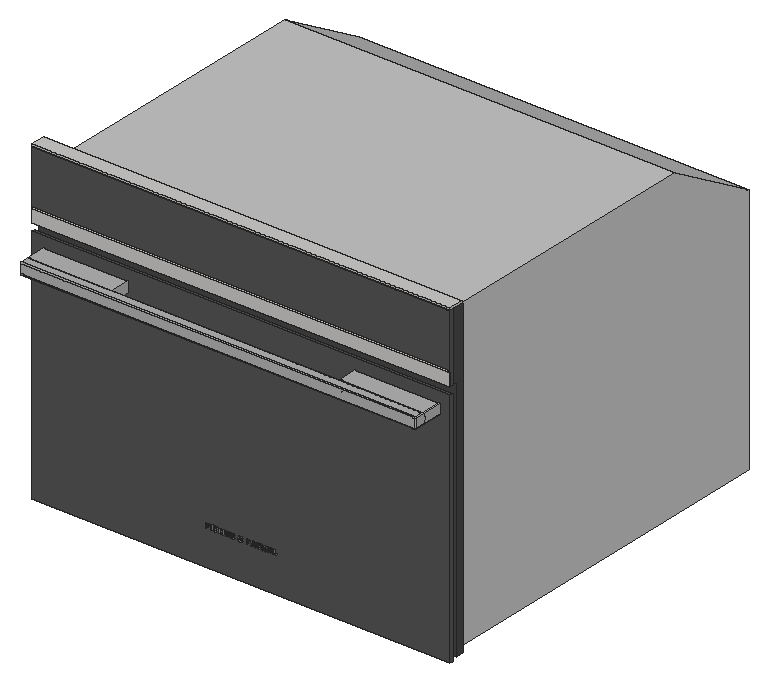
Revit family "FP_Revit_18_OM60NDBB1_Microwave_Oven_90000814A", category Specialty Equipment, Revit 2018
Family settings
  Round Connector Dimension = Use Diameter
  Part Type = Normal
  OmniClass Number = 23.40.40.14.17.31
  OmniClass Title = Small Specialized Cooking Equipment
  Work Plane-Based = No
  Always vertical = Yes
  Cut with Voids When Loaded = Yes
  Shared = No
  Room Calculation Point = No
Parameters (values of type "OM60NDBB1")
  Visibility - Clearance Required = yes
  URL = "www.fisherpaykel.com"
  Product - Width = 596 mm  # constant formula
  Product - Height = 458 mm  # constant formula
  Product - Depth = 562 mm  # constant formula
  Model = "OM60NDBB1"
  Material - Trim = Fisher & Paykel - Stainless Steel
  Material - Structure = Fisher & Paykel - Black
  Material - Handle = Fisher & Paykel - Aluminium
  Material - Glass = Fisher & Paykel - Glass, Black
  Material - Body = Fisher & Paykel - Grey
  Manufacturer = "Fisher & Paykel Appliances"
  FFL Offset [instance] = 900 mm
  Description = "60cm Microwave Oven"
  Connector Description - Electrical = "220-240 V, 50 Hz, 14.5 A"
  Chassis - Width = 556 mm  # constant formula
  Chassis - Height = 446 mm  # constant formula
  Chassis - Depth = 540 mm  # constant formula
  Cavity - Width = 560 mm  # constant formula
  Cavity - Height = 460 mm  # constant formula
  Cavity - Depth = 560 mm  # constant formula
Reference planes
  plane 1 "Center (Front/Back)": y = 0
  plane 2: z = 0
  plane 3 "Center (Left/Right)": x = 0
  plane 4: z = 1360
  plane 5: z = 1358
  plane 6 "Product LHS": x = -298
  plane 7 "Product RHS": x = 298
  plane 8 "Product - Depth": y = 0
  plane 9 "Cavity LHS": x = -300
  plane 10 "Cavity RHS": x = 300
  plane 11 "Cavity - Depth": y = 560
  plane 12 "Front Face": y = -22
  plane 13 "Chassis - Height": z = 0
  plane 14 "Product Depth": y = 540
  plane 15 "FFL Offset": z = 900
Forms (mm)
  Extrusion 1, solid, material "Fisher & Paykel - Grey" <- "Material - Body"
    sketch origin (0, 0, 0) x (0, 1, 0) y (0, 0, 1)
      loop
        line (0, 1346) -> (0, 907.28) -> (5.16, 907.28) -> (5.16, 900) -> (534.187, 900) -> (534.187, 1257.991) -> (403.295, 1336.64) -> (24.316, 1336.64) -> (8.71, 1346) -> (0, 1346)
    from -278 to 278
  Extrusion 2, solid, material "Fisher & Paykel - Black" <- "Material - Structure", detail levels fine
    sketch origin (0, 0, 0) x (0, 1, 0) y (0, 0, 1)
      loop
        line (0, 1353.9) -> (-2, 1353.9) -> (-2, 1355) -> (-18, 1355) -> (-18, 1258) -> (-9.89, 1258) -> (-9.89, 907.28) -> (0, 907.28) -> (0, 1353.9)
    from -298 to 298
  Extrusion 3, solid, material "Fisher & Paykel - Stainless Steel" <- "Material - Trim", detail levels fine
    sketch origin (0, 0, 0) x (0, 1, 0) y (0, 0, 1)
      loop
        line (-22, 1358) -> (-22, 1355) -> (-2, 1355) -> (-2, 1358) -> (-22, 1358)
    from -298 to 298
  Extrusion 4, solid, material "Fisher & Paykel - Glass, Black" <- "Material - Glass", detail levels fine
    sketch origin (0, 0, 0) x (0, 1, 0) y (0, 0, 1)
      loop
        line (-18, 1355) -> (-20.262, 1355)
        arc (-20.262, 1355) -> (-21.236, 1354.682) -> (-22, 1354) r 2.5
        line (-22, 1354) -> (-22, 1258) -> (-18, 1258) -> (-18, 1355)
    from -298 to 298
  Extrusion 5, solid, material "Fisher & Paykel - Glass, Black" <- "Material - Glass", detail levels fine
    sketch origin (0, 0, 0) x (0, 1, 0) y (0, 0, 1)
      loop
        line (-22, 1246.53) -> (-22, 904.53) -> (-18, 904.53) -> (-18, 1246.53) -> (-22, 1246.53)
    from -298 to 298
  Extrusion 6, solid, material "Fisher & Paykel - Black" <- "Material - Structure", detail levels fine
    sketch origin (0, 0, 0) x (0, 1, 0) y (0, 0, 1)
      loop
        line (-18, 1229.33) -> (-18, 907.28) -> (-9.89, 907.28) -> (-9.89, 1229.33) -> (-18, 1229.33)
    from -278 to 278
  Extrusion 7, void
    sketch origin (0, 0, 0) x (1, 0, 0) y (0, 0, 1)
      loop
        line (-158.462, 1052.91) -> (-229.24, 1052.91)
        arc (-229.24, 1052.91) -> (-232.776, 1051.446) -> (-234.24, 1047.91) r 5
        line (-234.24, 1047.91) -> (-234.24, 955.13)
        arc (-234.24, 955.13) -> (-232.776, 951.594) -> (-229.24, 950.13) r 5
        line (-229.24, 950.13) -> (-158.462, 950.13)
        arc (-158.462, 950.13) -> (-154.926, 951.594) -> (-153.462, 955.13) r 5
        line (-153.462, 955.13) -> (-153.462, 1047.91)
        arc (-153.462, 1047.91) -> (-154.926, 1051.446) -> (-158.462, 1052.91) r 5
    from -539.6 to -521.6
  Sweep 8, void
    path in 3D
      loop
        arc (-153.462, 521.6, 955.13) -> (-154.926, 521.6, 951.594) -> (-158.462, 521.6, 950.13) r 5
        line (-158.462, 521.6, 950.13) -> (-229.24, 521.6, 950.13)
        arc (-229.24, 521.6, 950.13) -> (-232.776, 521.6, 951.594) -> (-234.24, 521.6, 955.13) r 5
        line (-234.24, 521.6, 955.13) -> (-234.24, 521.6, 1047.91)
        arc (-234.24, 521.6, 1047.91) -> (-232.776, 521.6, 1051.446) -> (-229.24, 521.6, 1052.91) r 5
        line (-229.24, 521.6, 1052.91) -> (-158.462, 521.6, 1052.91)
        arc (-158.462, 521.6, 1052.91) -> (-154.926, 521.6, 1051.446) -> (-153.462, 521.6, 1047.91) r 5
        line (-153.462, 521.6, 1047.91) -> (-153.462, 521.6, 955.13)
    profile origin (-153.462, 521.6, 1001.52) x (-1, 0, 0) y (0, -1, 0)
      loop
        line (0, 0) -> (-21.3, -12.587) -> (0, -12.587) -> (0, 0)
  Extrusion 9, solid, material "Fisher & Paykel - Grey" <- "Material - Body", detail levels medium+fine
    sketch origin (0, 0, -100) x (1, 0, 0) y (0, 0, 1)
      loop
        line (-175.354, 1115.273) -> (-212.354, 1115.273) -> (-212.354, 1057.273) -> (-175.354, 1057.273) -> (-175.354, 1115.273)
    from -540 to -521.6
  Extrusion 10, solid, material "Fisher & Paykel - Stainless Steel" <- "Material - Trim", detail levels fine
    sketch origin (0, 0, 0) x (0, 1, 0) y (0, 0, 1)
      loop
        line (-22, 1258) -> (-22, 1277.8) -> (-22.8, 1277.8) -> (-23.7, 1275.5) -> (-23.7, 1258) -> (-22, 1258)
    from -298 to 298
  Extrusion 11, solid, material "Fisher & Paykel - Clearance Required", visible <- "Visibility - Clearance Required", detail levels coarse
    sketch origin (0, 0, 0) x (1, 0, 0) y (0, 1, 0)
      loop
        line (-280, 0) -> (280, 0) -> (280, 548.619) -> (-280, 548.619) -> (-280, 0)
    from 900 to 1360
  Extrusion 12, solid, material "Fisher & Paykel - Clearance Required", visible <- "Visibility - Clearance Required", detail levels coarse
    sketch origin (0, 0, 0) x (0, 1, 0) y (0, 0, 1)
      loop
        arc (-22, 1246.53) -> (-241.159, 1161.206) -> (-341.563, 948.532) r 317.644
        line (-341.563, 948.532) -> (-326.406, 946.445) -> (-332.106, 905.048) -> (-316.871, 902.951) -> (-311.171, 944.347) -> (-22, 904.53) -> (-22, 900) -> (0, 900) -> (0, 1360) -> (-22, 1360) -> (-22, 1246.53)
    from -300 to 300
  Sweep 13, solid, material "Fisher & Paykel - Grey" <- "Material - Body", detail levels fine
    path origin (0, 0, -100) x (0, 1, 0) y (0, 0, 1)
      loop
        arc (530.8, 1057.273) -> (536.019, 1044.673) -> (548.619, 1039.454) r 17.819
    profile origin (0, 536.019, 944.673) x (0, 0.707107, 0.707107) y (1, 0, 0)
      loop
        circle (0, -193.854) r 5
  Extrusion 14, solid, material "Fisher & Paykel - Glass, Black" <- "Material - Glass", detail levels coarse+medium
    sketch origin (0, 0, 0) x (0, 1, 0) y (0, 0, 1)
      loop
        line (-22, 1358) -> (-22, 1258) -> (-9.89, 1258) -> (-9.89, 1229.33) -> (-18, 1229.33) -> (-18, 1246.53) -> (-22, 1246.53) -> (-22, 904.53) -> (-18, 904.53) -> (-18, 907.28) -> (0, 907.28) -> (0, 1353.9) -> (-2, 1353.9) -> (-2, 1358) -> (-22, 1358)
    from -298 to 298
  Extrusion 15, solid, material "Fisher & Paykel - Grey" <- "Material - Body", not visible, detail levels medium+fine
    sketch origin (0, 0, 0) x (1, 0, 0) y (0, 0, 1)
      loop
        line (-175.354, 1115.273) -> (-212.354, 1115.273) -> (-212.354, 1057.273) -> (-175.354, 1057.273) -> (-175.354, 1115.273)
    from -540 to -521.6
  Sweep 16, solid, material "Fisher & Paykel - Grey" <- "Material - Body", not visible, detail levels fine
    path origin (0, 0, 0) x (0, 1, 0) y (0, 0, 1)
      loop
        arc (530.8, 1057.273) -> (536.019, 1044.673) -> (548.619, 1039.454) r 17.819
    profile origin (0, 536.019, 1044.673) x (0, 0.707107, 0.707107) y (1, 0, 0)
      loop
        circle (0, -193.854) r 5
  Extrusion 17, void
    sketch origin (0, 0, 0) x (1, 0, 0) y (0, 1, 0)
      loop
        line (-280, 0) -> (280, 0) -> (280, 548.619) -> (-280, 548.619) -> (-280, 0)
    from 900 to 1360
  Extrusion 18, solid, material "Fisher & Paykel - Clearance Required", visible <- "Visibility - Clearance Required", detail levels coarse
    sketch origin (0, 0, 0) x (0, 1, 0) y (0, 0, 1)
      loop
        arc (-22, 1246.53) -> (-241.159, 1161.206) -> (-341.563, 948.532) r 317.644
        line (-341.563, 948.532) -> (-326.406, 946.445) -> (-332.106, 905.048) -> (-316.871, 902.951) -> (-311.171, 944.347) -> (-22, 904.53) -> (-22, 900) -> (0, 900) -> (0, 1360) -> (-22, 1360) -> (-22, 1246.53)
    from -300 to 300
  Extrusion 19, void
    sketch origin (0, 0, 0) x (0, 1, 0) y (0, 0, 1)
      loop
        line (-22, 1360) -> (-22, 900) -> (0, 900) -> (0, 1360) -> (-22, 1360)
    from -300 to 300
Cuts and joins
  Extrusion 7, Sweep 8 cuts Extrusion 1
  Extrusion 7 cuts Extrusion 2
  Extrusion 7 cuts Extrusion 5
  Extrusion 7 cuts Extrusion 6
Lines and regions (mm)
  sketch lines
    curve 1: line (-153.462, 521.6, 1047.91) -> (-153.462, 521.6, 955.13)
    curve 2: arc (-153.462, 521.6, 1047.91) -> (-154.926, 521.6, 1051.446) -> (-158.462, 521.6, 1052.91) r 5
    curve 3: line (-229.24, 521.6, 1052.91) -> (-158.462, 521.6, 1052.91)
    curve 4: arc (-229.24, 521.6, 1052.91) -> (-232.776, 521.6, 1051.446) -> (-234.24, 521.6, 1047.91) r 5
    curve 5: line (-234.24, 521.6, 955.13) -> (-234.24, 521.6, 1047.91)
    curve 6: arc (-234.24, 521.6, 955.13) -> (-232.776, 521.6, 951.594) -> (-229.24, 521.6, 950.13) r 5
    curve 7: arc (-158.462, 521.6, 950.13) -> (-154.926, 521.6, 951.594) -> (-153.462, 521.6, 955.13) r 5
    curve 8: line (-158.462, 521.6, 950.13) -> (-229.24, 521.6, 950.13)
Text (mm)
  text "Due to ongoing product development, product details are subject to change without notice. \nPlease always refer to www.fisherpaykel.com for the most current product information. \n© Fisher & Paykel 2020" at (41.04, -413.295, 0), in view "Ref. Level (Plan)"
Dimensions and locks
  equal spacing: plane 6 "Product LHS", plane 3 "Center (Left/Right)", plane 7 "Product RHS"
  "Product - Width": plane 6 "Product LHS" to plane 7 "Product RHS"
  equal spacing: plane 9 "Cavity LHS", plane 3 "Center (Left/Right)", plane 10 "Cavity RHS"
  locked: plane 9 "Cavity LHS" to plane 10 "Cavity RHS" at 600
  "Cavity - Depth": plane 11 "Cavity - Depth" to plane 1 "Center (Front/Back)"
  locked: plane 12 "Front Face" to plane 1 "Center (Front/Back)" at 22
  "Chassis - Depth": plane 1 "Center (Front/Back)" to plane 14 "Product Depth"
  Extrusion 1 sketch curve to plane 14 "Product Depth" = 5.813 mm
  equal spacing: cut or joined group of Extrusion 1, Extrusion 7, Sweep 8, plane 3 "Center (Left/Right)", cut or joined group of Extrusion 1, Extrusion 7, Sweep 8
  "Chassis - Width": cut or joined group of Extrusion 1, Extrusion 7, Sweep 8 to cut or joined group of Extrusion 1, Extrusion 7, Sweep 8
  "FFL Offset": plane 15 "FFL Offset" to level
  locked: nested 2 to plane 15 "FFL Offset" at 61.04
  locked: cut or joined group of Extrusion 1, Extrusion 7, Sweep 8 to plane 15 "FFL Offset" at 7.28
  locked: Extrusion 14 to plane 15 "FFL Offset" at 4.53
  locked: cut or joined group of Extrusion 1, Extrusion 7, Sweep 8 to plane 15 "FFL Offset" at 436.64
  "Chassis - Height": cut or joined group of Extrusion 1, Extrusion 7, Sweep 8 to plane 15 "FFL Offset"
  Extrusion 11 to plane 15 "FFL Offset" = 460 mm
  locked: plane 15 "FFL Offset" to Extrusion 9 at 57.273
  locked: plane 15 "FFL Offset" to cut or joined group of Extrusion 1, Extrusion 7, Sweep 8 at 50.13
  "Product - Height": plane 5 to plane 15 "FFL Offset"
  "Cavity - Height": plane 4 to plane 15 "FFL Offset"
  locked: nested 1 to plane 15 "FFL Offset" at 330.978
  locked: plane 5 to Extrusion 14 at 100
  locked: plane 5 to Extrusion 14 at 111.47
  locked: Extrusion 12 sketch curve to plane 15 "FFL Offset" at 4.53
  locked: plane 15 "FFL Offset" to Extrusion 7 sketch curve at 152.91
  locked: plane 15 "FFL Offset" to Extrusion 7 sketch curve at 50.13
  "Cavity - Width": Extrusion 17 to Extrusion 17
  aligned and locked: level to plane 2
  aligned and locked: Extrusion 3 sketch curve to plane 5
  aligned and locked: plane 6 "Product LHS" to Extrusion 5
  aligned and locked: Extrusion 5 to plane 7 "Product RHS"
  aligned and locked: Extrusion 4 to plane 7 "Product RHS"
  aligned and locked: plane 6 "Product LHS" to Extrusion 4
  aligned and locked: plane 6 "Product LHS" to Extrusion 3
  aligned and locked: Extrusion 3 to plane 7 "Product RHS"
  aligned and locked: plane 6 "Product LHS" to Extrusion 2
  aligned and locked: Extrusion 2 to plane 7 "Product RHS"
  aligned and locked: plane 14 "Product Depth" to Extrusion 9
  aligned and locked: cut or joined group of Extrusion 1, Extrusion 7, Sweep 8 to Extrusion 9
  aligned and locked: Extrusion 10 to plane 7 "Product RHS"
  aligned and locked: plane 6 "Product LHS" to Extrusion 10
  aligned and locked: Extrusion 14 to plane 7 "Product RHS"
  aligned and locked: plane 6 "Product LHS" to Extrusion 14
  aligned and locked: Extrusion 1 to plane 15 "FFL Offset"
  aligned and locked: Extrusion 11 to cut or joined group of Extrusion 1, Extrusion 7, Sweep 8
  aligned and locked: Extrusion 14 to cut or joined group of Extrusion 1, Extrusion 7, Sweep 8
  aligned and locked: Extrusion 2 to cut or joined group of Extrusion 1, Extrusion 7, Sweep 8
  aligned and locked: Extrusion 6 to cut or joined group of Extrusion 1, Extrusion 7, Sweep 8
  aligned and locked: plane 5 to Extrusion 3
  aligned and locked: plane 5 to Extrusion 14
  aligned and locked: Extrusion 10 to Extrusion 4
  aligned and locked: Extrusion 14 to Extrusion 4
  aligned and locked: Extrusion 4 to cut or joined group of Extrusion 2, Extrusion 7
  aligned and locked: Extrusion 5 to Extrusion 14  (x2)
  aligned and locked: plane 4 to Extrusion 11
  aligned and locked: Extrusion 11 to Sweep 13
  aligned and locked: Extrusion 12 sketch curve to plane 15 "FFL Offset"
  aligned and locked: Extrusion 12 sketch curve to plane 4
  aligned and locked: plane 4 to Extrusion 17
  aligned and locked: Extrusion 17 to cut or joined group of Extrusion 1, Extrusion 7, Sweep 8
  aligned and locked: plane 15 "FFL Offset" to Extrusion 19 sketch curve
  aligned and locked: Extrusion 19 sketch curve to plane 4
Automatic sketch dimensions
  Extrusion 9 sketch curve to Extrusion 9 sketch curve = 37 mm
  Extrusion 9 sketch curve to Extrusion 9 sketch curve = 58 mm
  Sweep 13 sketch curve to profile plane = 0 mm
  Sweep 13 sketch curve to Sweep 13 sketch curve = 17.819 mm
  Sweep 13 sketch curve to profile plane = 193.854 mm
  Extrusion 15 sketch curve to Extrusion 15 sketch curve = 37 mm
  Extrusion 15 sketch curve to Extrusion 15 sketch curve = 58 mm
  Sweep 16 sketch curve to profile plane = 0 mm
  Sweep 16 sketch curve to Sweep 16 sketch curve = 17.819 mm
  Sweep 16 sketch curve to profile plane = 193.854 mm
  Extrusion 1 sketch curve to plane 1 "Center (Front/Back)" = 0 mm
  Extrusion 1 sketch curve to plane 15 "FFL Offset" = 0 mm
  Extrusion 1 sketch curve to plane 1 "Center (Front/Back)" = 5.16 mm
  Extrusion 1 sketch curve to Extrusion 1 sketch curve = 8.71 mm
  Extrusion 1 sketch curve to Extrusion 1 sketch curve = 15.606 mm
  Extrusion 1 sketch curve to plane 5 = 21.36 mm
  Extrusion 1 sketch curve to plane 14 "Product Depth" = 136.705 mm
  Extrusion 1 sketch curve to Extrusion 1 sketch curve = 7.28 mm
  Extrusion 1 sketch curve to plane 5 = 100.009 mm
  Extrusion 1 sketch curve to plane 5 = 12 mm
  Extrusion 2 sketch curve to plane 1 "Center (Front/Back)" = 0 mm
  plane 1 "Center (Front/Back)" to Extrusion 2 sketch curve = 2 mm
  plane 1 "Center (Front/Back)" to Extrusion 2 sketch curve = 9.89 mm
  plane 12 "Front Face" to Extrusion 2 sketch curve = 4 mm
  plane 15 "FFL Offset" to Extrusion 2 sketch curve = 7.28 mm
  Extrusion 2 sketch curve to plane 5 = 100 mm
  Extrusion 2 sketch curve to plane 5 = 4.1 mm
  Extrusion 2 sketch curve to Extrusion 2 sketch curve = 1.1 mm
  Extrusion 3 sketch curve to plane 12 "Front Face" = 0 mm
  plane 1 "Center (Front/Back)" to Extrusion 3 sketch curve = 2 mm
  Extrusion 3 sketch curve to plane 5 = 3 mm
  Extrusion 4 sketch curve to plane 12 "Front Face" = 0 mm
  plane 12 "Front Face" to Extrusion 4 sketch curve = 1.738 mm
  plane 12 "Front Face" to Extrusion 4 sketch curve = 2.011 mm
  plane 12 "Front Face" to Extrusion 4 sketch curve = 4 mm
  Extrusion 4 sketch curve to plane 5 = 100 mm
  Extrusion 4 sketch curve to plane 5 = 5.485 mm
  Extrusion 4 sketch curve to Extrusion 4 sketch curve = 1.485 mm
  Extrusion 5 sketch curve to plane 12 "Front Face" = 0 mm
  plane 12 "Front Face" to Extrusion 5 sketch curve = 4 mm
  plane 15 "FFL Offset" to Extrusion 5 sketch curve = 4.53 mm
  Extrusion 5 sketch curve to plane 5 = 111.47 mm
  plane 12 "Front Face" to Extrusion 6 sketch curve = 4 mm
  Extrusion 6 sketch curve to Extrusion 6 sketch curve = 8.11 mm
  plane 15 "FFL Offset" to Extrusion 6 sketch curve = 7.28 mm
  Extrusion 6 sketch curve to plane 5 = 128.67 mm
  Extrusion 7 sketch curve to plane 6 "Product LHS" = 63.76 mm
  Extrusion 7 sketch curve to Extrusion 7 sketch curve = 5 mm  (x3)
  Extrusion 7 sketch curve to Extrusion 7 sketch curve = 70.778 mm  (x2)
  Sweep 8 sketch curve to profile plane = 0 mm  (x2)
  Sweep 8 sketch curve to profile plane = 21.3 mm
  profile plane to Sweep 8 sketch curve = 12.587 mm
  Extrusion 10 sketch curve to plane 12 "Front Face" = 0 mm
  Extrusion 10 sketch curve to Extrusion 10 sketch curve = 0.8 mm
  Extrusion 10 sketch curve to plane 12 "Front Face" = 1.7 mm
  Extrusion 10 sketch curve to plane 5 = 100 mm
  Extrusion 10 sketch curve to Extrusion 10 sketch curve = 17.5 mm
  Extrusion 10 sketch curve to Extrusion 10 sketch curve = 2.3 mm
  plane 1 "Center (Front/Back)" to Extrusion 11 sketch curve = 0 mm
  plane 14 "Product Depth" to Extrusion 11 sketch curve = 8.619 mm
  Extrusion 11 sketch curve to plane 6 "Product LHS" = 18 mm
  plane 7 "Product RHS" to Extrusion 11 sketch curve = 18 mm
  Extrusion 12 sketch curve to plane 12 "Front Face" = 0 mm  (x2)
  Extrusion 12 sketch curve to plane 1 "Center (Front/Back)" = 0 mm
  Extrusion 12 sketch curve to plane 12 "Front Face" = 2.526 mm
  plane 15 "FFL Offset" to Extrusion 12 sketch curve = 44.347 mm
  Extrusion 12 sketch curve to Extrusion 12 sketch curve = 286.644 mm
  plane 15 "FFL Offset" to Extrusion 12 sketch curve = 2.951 mm
  plane 15 "FFL Offset" to Extrusion 12 sketch curve = 46.445 mm
  Extrusion 12 sketch curve to Extrusion 12 sketch curve = 15.235 mm
  plane 15 "FFL Offset" to Extrusion 12 sketch curve = 48.532 mm
  Extrusion 12 sketch curve to Extrusion 12 sketch curve = 24.366 mm
  Extrusion 14 sketch curve to plane 5 = 0 mm
  Extrusion 14 sketch curve to plane 12 "Front Face" = 0 mm  (x2)
  Extrusion 14 sketch curve to plane 1 "Center (Front/Back)" = 0 mm
  plane 12 "Front Face" to Extrusion 14 sketch curve = 4 mm  (x2)
  plane 1 "Center (Front/Back)" to Extrusion 14 sketch curve = 9.89 mm
  plane 1 "Center (Front/Back)" to Extrusion 14 sketch curve = 2 mm
  Extrusion 14 sketch curve to plane 5 = 4.1 mm
  Extrusion 14 sketch curve to Extrusion 14 sketch curve = 95.9 mm
  Extrusion 14 sketch curve to Extrusion 14 sketch curve = 11.47 mm
  Extrusion 14 sketch curve to Extrusion 14 sketch curve = 17.2 mm
  plane 15 "FFL Offset" to Extrusion 14 sketch curve = 7.28 mm
  Extrusion 14 sketch curve to Extrusion 14 sketch curve = 2.75 mm
  plane 1 "Center (Front/Back)" to Extrusion 17 sketch curve = 0 mm
  plane 14 "Product Depth" to Extrusion 17 sketch curve = 8.619 mm
  Extrusion 17 sketch curve to plane 6 "Product LHS" = 18 mm
  plane 7 "Product RHS" to Extrusion 17 sketch curve = 18 mm
  Extrusion 18 sketch curve to plane 12 "Front Face" = 0 mm  (x2)
  Extrusion 18 sketch curve to plane 1 "Center (Front/Back)" = 0 mm
  Extrusion 18 sketch curve to plane 15 "FFL Offset" = 0 mm
  Extrusion 18 sketch curve to plane 4 = 0 mm
  Extrusion 18 sketch curve to plane 12 "Front Face" = 2.526 mm
  plane 15 "FFL Offset" to Extrusion 18 sketch curve = 44.347 mm
  Extrusion 18 sketch curve to Extrusion 18 sketch curve = 286.644 mm
  plane 15 "FFL Offset" to Extrusion 18 sketch curve = 2.951 mm
  Extrusion 18 sketch curve to Extrusion 18 sketch curve = 5.7 mm
  plane 15 "FFL Offset" to Extrusion 18 sketch curve = 46.445 mm
  Extrusion 18 sketch curve to Extrusion 18 sketch curve = 15.235 mm
  plane 15 "FFL Offset" to Extrusion 18 sketch curve = 48.532 mm
  Extrusion 18 sketch curve to Extrusion 18 sketch curve = 24.366 mm
  Extrusion 19 sketch curve to plane 12 "Front Face" = 0 mm
  Extrusion 19 sketch curve to plane 1 "Center (Front/Back)" = 0 mm
  radius of Sweep 13 sketch curve = 5 mm
  radius of Sweep 16 sketch curve = 5 mm
Nested families
  nested 1: "F&P Handle Contemporary Square OB60-24" at (0, -22, 1223), type "Aluminium"
  nested 2: "F&P Logo 100mm" at (0, -22, 955), type "F&P Logo 100mm"
Connectors
  electrical at (-193.854, 548.619, 939.454), driven by "Connector Description - Electrical"
    settings: on Sweep 13, index 1, voltage 120 V, apparent load 0 VA, apparent load phase1 0 VA, apparent load phase2 0 VA, apparent load phase3 0 VA, power factor 1, load classification "Other", number of poles 1, system type 30, power factor state 1, is connector primary yes, connector utility no, sub classification motor no, connector description "220-240 V, 50 Hz, 14.5 A"
Definition of nested family "F&P Handle Contemporary Square OB60-24"
  Parameters (values of type "Aluminium Dark")
    URL = "www.fisherpaykel.com"
    Material - Handle = none
    Manufacturer = "Fisher & Paykel Appliances"
    Handle - Length = 565 mm
  Types (2): name
    Aluminium
    Aluminium Dark
  Reference planes
    plane 1 "Center (Front/Back)": y = 0
    plane 2: z = 0
    plane 3 "Center (Left/Right)": x = 0
    plane 4 "Product LHS": x = -282.5
    plane 5 "Product RHS": x = 282.5
    plane 6 "LHS Standoff": x = -162.495
    plane 7 "RHS Standoff": x = 162.505
  Forms (mm)
    Extrusion 1, solid, material <- "Material - Handle", detail levels fine
      sketch origin (0, 0, 0) x (0, 1, 0) y (0, 0, 1)
        loop
          arc (-28.701, 7.561) -> (-29.057, 7.868) -> (-29.514, 7.978) r 1
          line (-29.514, 7.978) -> (-40.5, 7.978)
          arc (-40.5, 7.978) -> (-41.561, 7.539) -> (-42, 6.478) r 1.5
          line (-42, 6.478) -> (-42, -6.522)
          arc (-42, -6.522) -> (-41.561, -7.583) -> (-40.5, -8.022) r 1.5
          line (-40.5, -8.022) -> (-29.487, -8.022)
          arc (-29.487, -8.022) -> (-29.029, -7.911) -> (-28.673, -7.602) r 1
          arc (-28.673, -7.602) -> (-26.256, -0.016) -> (-28.701, 7.561) r 13.038
      from -282.5 to 282.5
    Extrusion 2, solid, material <- "Material - Handle", detail levels fine
      sketch origin (0, 0, 0) x (0, 1, 0) y (0, 0, 1)
        loop
          arc (-28.23, 7.062) -> (-26.156, 0.008) -> (-28.198, -7.056) r 13.136
          arc (-28.198, -7.056) -> (-28.21, -7.463) -> (-27.86, -7.67) r 0.4
          line (-27.86, -7.67) -> (0, -7.67) -> (0, 7.678) -> (-27.893, 7.678)
          arc (-27.893, 7.678) -> (-28.244, 7.47) -> (-28.23, 7.062) r 0.4
      from 162.505 to 282.5
    Extrusion 3, solid, material <- "Material - Handle", detail levels fine
      sketch origin (0, 0, 0) x (0, 1, 0) y (0, 0, -1)
        loop
          arc (-28.23, -7.062) -> (-28.244, -7.47) -> (-27.893, -7.678) r 0.4
          line (-27.893, -7.678) -> (0, -7.678) -> (0, 7.67) -> (-27.86, 7.67)
          arc (-27.86, 7.67) -> (-28.21, 7.463) -> (-28.198, 7.056) r 0.4
          arc (-28.198, 7.056) -> (-26.156, -0.008) -> (-28.23, -7.062) r 13.136
      from 162.495 to 282.5
    Sweep 4, void
      path in 3D
        loop
          line (282.5, -29.514, 7.978) -> (282.5, -40.5, 7.978)
          arc (282.5, -40.5, 7.978) -> (282.5, -41.561, 7.539) -> (282.5, -42, 6.478) r 1.5
          line (282.5, -42, 6.478) -> (282.5, -42, -6.522)
          arc (282.5, -42, -6.522) -> (282.5, -41.561, -7.583) -> (282.5, -40.5, -8.022) r 1.5
          line (282.5, -40.5, -8.022) -> (282.5, -29.487, -8.022)
      profile origin (282.5, -35.007, 7.978) x (1, 0, 0) y (0, 0, 1)
        loop
          line (0, 0) -> (-1.3, 0) -> (0, -1.3) -> (0, 0)
    Sweep 5, void
      path in 3D
        loop
          line (-282.5, -29.487, -8.022) -> (-282.5, -40.5, -8.022)
          arc (-282.5, -40.5, -8.022) -> (-282.5, -41.561, -7.583) -> (-282.5, -42, -6.522) r 1.5
          line (-282.5, -42, -6.522) -> (-282.5, -42, 6.478)
          arc (-282.5, -42, 6.478) -> (-282.5, -41.561, 7.539) -> (-282.5, -40.5, 7.978) r 1.5
          line (-282.5, -40.5, 7.978) -> (-282.5, -29.514, 7.978)
      profile origin (-282.5, -35.007, 7.978) x (-1, 0, 0) y (0, 0, 1)
        loop
          line (0, 0) -> (-1.3, 0) -> (0, -1.3) -> (0, 0)
    Extrusion 6, void
      sketch origin (0, 0, 0) x (1, 0, 0) y (0, 0, 1)
        loop
          line (282.5, 7.978) -> (281.2, 7.978) -> (282.5, 6.678) -> (282.5, 7.978)
        loop
          line (282.5, -8.022) -> (282.5, -6.722) -> (281.2, -8.022) -> (282.5, -8.022)
      from 0 to 40
    Extrusion 7, void
      sketch origin (0, 0, 0) x (1, 0, 0) y (0, 0, 1)
        loop
          line (-282.5, 7.978) -> (-282.5, 6.678) -> (-281.2, 7.978) -> (-282.5, 7.978)
        loop
          line (-282.5, -8.022) -> (-281.2, -8.022) -> (-282.5, -6.722) -> (-282.5, -8.022)
      from 0 to 40
    Extrusion 8, solid, material <- "Material - Handle", detail levels coarse+medium
      sketch origin (0, 0, 0) x (1, 0, 0) y (0, 1, 0)
        loop
          line (-282.5, -42) -> (282.5, -42) -> (282.5, 0) -> (162.505, 0) -> (162.505, -26.156) -> (-162.495, -26.156) -> (-162.495, 0) -> (-282.5, 0) -> (-282.5, -42)
      from -8.022 to 7.978
  Cuts and joins
    Sweep 4, Sweep 5, Extrusion 6, Extrusion 7 cuts Extrusion 1
    Extrusion 6 cuts Extrusion 2
    Extrusion 7 cuts Extrusion 3
  Lines and regions (mm)
    sketch lines
      curve 1: line (282.5, -29.514, 7.978) -> (282.5, -40.5, 7.978)
      curve 2: arc (282.5, -42, 6.478) -> (282.5, -41.561, 7.539) -> (282.5, -40.5, 7.978) r 1.5
      curve 3: line (282.5, -42, 6.478) -> (282.5, -42, -6.522)
      curve 4: arc (282.5, -40.5, -8.022) -> (282.5, -41.561, -7.583) -> (282.5, -42, -6.522) r 1.5
      curve 5: line (282.5, -40.5, -8.022) -> (282.5, -29.487, -8.022)
      curve 6: line (-282.5, -40.5, 7.978) -> (-282.5, -29.514, 7.978)
      curve 7: arc (-282.5, -40.5, 7.978) -> (-282.5, -41.561, 7.539) -> (-282.5, -42, 6.478) r 1.5
      curve 8: line (-282.5, -42, -6.522) -> (-282.5, -42, 6.478)
      curve 9: arc (-282.5, -42, -6.522) -> (-282.5, -41.561, -7.583) -> (-282.5, -40.5, -8.022) r 1.5
      curve 10: line (-282.5, -29.487, -8.022) -> (-282.5, -40.5, -8.022)
  Dimensions and locks
    equal spacing: plane 4 "Product LHS", plane 3 "Center (Left/Right)", plane 5 "Product RHS"
    "Handle - Length": plane 4 "Product LHS" to plane 5 "Product RHS"
    locked: plane 4 "Product LHS" to plane 6 "LHS Standoff" at 120.005
    locked: plane 7 "RHS Standoff" to plane 5 "Product RHS" at 119.995
    aligned and locked: level to plane 2
    aligned and locked: Extrusion 1 to plane 5 "Product RHS"
    aligned and locked: plane 4 "Product LHS" to Extrusion 1
    aligned and locked: Extrusion 2 to plane 5 "Product RHS"
    aligned and locked: plane 4 "Product LHS" to Extrusion 3
    aligned and locked: plane 4 "Product LHS" to Extrusion 8 sketch curve
    aligned and locked: Extrusion 8 sketch curve to plane 5 "Product RHS"
    aligned and locked: Extrusion 8 sketch curve to plane 7 "RHS Standoff"
    aligned and locked: plane 6 "LHS Standoff" to Extrusion 8 sketch curve
    aligned and locked: Extrusion 2 to plane 7 "RHS Standoff"
    aligned and locked: plane 6 "LHS Standoff" to Extrusion 3
  Automatic sketch dimensions
    Extrusion 1 sketch curve to level = 6.522 mm
    plane 1 "Center (Front/Back)" to Extrusion 1 sketch curve = 42 mm
    Extrusion 1 sketch curve to Extrusion 1 sketch curve = 1.5 mm  (x2)
    Extrusion 1 sketch curve to level = 0.04 mm
    Extrusion 1 sketch curve to Extrusion 1 sketch curve = 1.206 mm
    level to Extrusion 1 sketch curve = 6.978 mm
    Extrusion 1 sketch curve to Extrusion 1 sketch curve = 10.986 mm
    Extrusion 1 sketch curve to Extrusion 1 sketch curve = 11.013 mm
    Extrusion 1 sketch curve to Extrusion 1 sketch curve = 1 mm
    level to Extrusion 1 sketch curve = 6.478 mm
    Extrusion 1 sketch curve to Extrusion 1 sketch curve = 0 mm
    Extrusion 2 sketch curve to plane 1 "Center (Front/Back)" = 0 mm
    Extrusion 2 sketch curve to level = 7.67 mm
    Extrusion 2 sketch curve to Extrusion 2 sketch curve = 27.86 mm
    level to Extrusion 2 sketch curve = 7.678 mm
    Extrusion 2 sketch curve to Extrusion 2 sketch curve = 0.033 mm
    Extrusion 2 sketch curve to level = 0.022 mm
    Extrusion 2 sketch curve to Extrusion 2 sketch curve = 11.398 mm
    Extrusion 2 sketch curve to Extrusion 2 sketch curve = 0.4 mm  (x2)
    Extrusion 2 sketch curve to Extrusion 2 sketch curve = 0 mm
    Extrusion 3 sketch curve to plane 1 "Center (Front/Back)" = 0 mm
    Extrusion 3 sketch curve to level = 7.67 mm
    Extrusion 3 sketch curve to Extrusion 3 sketch curve = 27.86 mm
    level to Extrusion 3 sketch curve = 7.678 mm
    Extrusion 3 sketch curve to Extrusion 3 sketch curve = 0.033 mm
    Extrusion 3 sketch curve to level = 0.022 mm
    Extrusion 3 sketch curve to Extrusion 3 sketch curve = 11.398 mm
    Extrusion 3 sketch curve to Extrusion 3 sketch curve = 0.4 mm  (x2)
    Extrusion 3 sketch curve to Extrusion 3 sketch curve = 0 mm
    profile plane to Sweep 4 sketch curve = 0 mm
    Sweep 4 sketch curve to profile plane = 0 mm
    Sweep 4 sketch curve to profile plane = 1.3 mm
    profile plane to Sweep 4 sketch curve = 1.3 mm
    Sweep 5 sketch curve to profile plane = 0 mm  (x2)
    profile plane to Sweep 5 sketch curve = 1.3 mm
    Sweep 5 sketch curve to profile plane = 1.3 mm
    plane 5 "Product RHS" to Extrusion 6 sketch curve = 0 mm  (x2)
    Extrusion 6 sketch curve to Extrusion 6 sketch curve = 1.3 mm  (x4)
    Extrusion 6 sketch curve to level = 6.722 mm
    level to Extrusion 6 sketch curve = 6.678 mm
    plane 4 "Product LHS" to Extrusion 7 sketch curve = 0 mm  (x2)
    Extrusion 7 sketch curve to plane 4 "Product LHS" = 1.3 mm  (x2)
    Extrusion 7 sketch curve to level = 8.022 mm
    level to Extrusion 7 sketch curve = 6.678 mm
    Extrusion 7 sketch curve to Extrusion 7 sketch curve = 1.3 mm  (x2)
    plane 1 "Center (Front/Back)" to Extrusion 8 sketch curve = 0 mm  (x2)
    Extrusion 8 sketch curve to Extrusion 8 sketch curve = 26.156 mm
    Extrusion 8 sketch curve to Extrusion 8 sketch curve = 42 mm
Definition of nested family "F&P Logo 100mm"
  Parameters (values of type "F&P Logo 100mm")
    URL = "www.fisherpaykel.com"
    Material - Logo = none
    Manufacturer = "Fisher & Paykel Appliances"
  Reference planes
    plane 1 "Center (Front/Back)": y = 0
    plane 2: z = 0
    plane 3 "Center (Left/Right)": x = 0
  Forms (mm)
    Extrusion 1, solid, material <- "Material - Logo", detail levels fine
      sketch origin (0, 0, 0) x (1, 0, 0) y (0, 0, 1)
        loop
          line (-50.044, 0) -> (-48.47, 0) -> (-48.47, 2.138) -> (-46.011, 2.138) -> (-46.011, 3.472) -> (-48.47, 3.472) -> (-48.47, 4.712) -> (-45.795, 4.712) -> (-45.795, 6.04) -> (-50.044, 6.04) -> (-50.044, 0)
        loop
          line (-42.804, 6.04) -> (-42.804, 0) -> (-41.23, 0) -> (-41.23, 6.04) -> (-42.804, 6.04)
        loop
          line (-30.724, 6.04) -> (-30.724, 0) -> (-29.151, 0) -> (-29.151, 2.42) -> (-26.839, 2.42) -> (-26.839, 0) -> (-25.265, 0) -> (-25.265, 6.04) -> (-26.839, 6.04) -> (-26.839, 3.748) -> (-29.151, 3.748) -> (-29.151, 6.04) -> (-30.724, 6.04)
        loop
          line (-21.906, 6.04) -> (-21.906, 0) -> (-17.602, 0) -> (-17.602, 1.328) -> (-20.347, 1.328) -> (-20.347, 2.42) -> (-17.838, 2.42) -> (-17.838, 3.748) -> (-20.347, 3.748) -> (-20.347, 4.712) -> (-17.602, 4.712) -> (-17.602, 6.04) -> (-21.906, 6.04)
        loop
          line (45.667, 6.04) -> (45.667, 0) -> (49.956, 0) -> (49.956, 1.328) -> (47.241, 1.328) -> (47.241, 6.04) -> (45.667, 6.04)
        loop
          line (42.431, 6.04) -> (38.112, 6.04) -> (38.112, 0) -> (42.431, 0) -> (42.431, 1.328) -> (39.687, 1.328) -> (39.687, 2.42) -> (42.195, 2.42) -> (42.195, 3.748) -> (39.687, 3.748) -> (39.687, 4.712) -> (42.431, 4.712) -> (42.431, 6.04)
        loop
          line (33.451, 3.148) -> (35.683, 6.04) -> (33.844, 6.04) -> (31.915, 3.542) -> (31.915, 6.04) -> (30.342, 6.04) -> (30.342, 0) -> (31.915, 0) -> (31.915, 2.705) -> (33.903, 0) -> (35.763, 0) -> (33.451, 3.148)
        loop
          line (21.98, 6.04) -> (24.262, 2.42) -> (24.262, 0) -> (25.837, 0) -> (25.837, 2.341) -> (28.119, 6.04) -> (26.446, 6.04) -> (25.099, 3.707) -> (23.753, 6.04) -> (21.98, 6.04)
        loop
          line (18.479, 6.04) -> (16.983, 6.04) -> (14.524, 0) -> (16.069, 0) -> (16.501, 1.112) -> (18.921, 1.112) -> (19.354, 0) -> (20.938, 0) -> (18.479, 6.04)
        loop
          line (18.4, 2.439) -> (17.693, 4.174) -> (17.018, 2.439) -> (18.4, 2.439)
        loop
          line (8.031, 6.04) -> (8.031, 0) -> (9.605, 0) -> (9.605, 1.938) -> (10.599, 1.938)
          arc (10.599, 1.938) -> (12.65, 3.989) -> (10.599, 6.04) r 2.051
          line (10.599, 6.04) -> (8.031, 6.04)
        loop
          line (9.605, 4.712) -> (9.605, 3.197) -> (10.501, 3.197)
          arc (10.501, 3.197) -> (11.259, 3.954) -> (10.501, 4.712) r 0.757
          line (10.501, 4.712) -> (9.605, 4.712)
        loop
          line (-11.783, 6.04) -> (-14.366, 6.04) -> (-14.366, 0) -> (-12.792, 0) -> (-12.792, 1.336) -> (-11.992, 1.336) -> (-10.972, 0) -> (-9.153, 0) -> (-10.694, 1.973)
          arc (-10.694, 1.973) -> (-9.678, 4.424) -> (-11.783, 6.04) r 2.179
        loop
          line (-11.897, 4.712) -> (-12.792, 4.712) -> (-12.792, 3.053) -> (-11.897, 3.053)
          arc (-11.897, 3.053) -> (-11.068, 3.882) -> (-11.897, 4.712) r 0.83
        loop
          line (0.477, 4.712) -> (0.477, 6.153) -> (-3.575, 6.153) -> (-3.575, 4.851) -> (-2.974, 4.112)
          arc (-2.974, 4.112) -> (-3.51, 0.684) -> (-0.045, 0.512) r 2.334
          line (-0.045, 0.512) -> (0.46, -0.109) -> (2.246, -0.109) -> (0.86, 1.594) -> (2.061, 3.324) -> (0.443, 3.324) -> (-0.013, 2.667) -> (-1.677, 4.712) -> (0.477, 4.712)
        loop
          arc (-2.125, 3.068) -> (-2.269, 1.668) -> (-0.868, 1.524) r 0.996
          line (-0.868, 1.524) -> (-2.125, 3.068)
        loop
          line (-35.18, 3.634) -> (-36.516, 3.91)
          arc (-36.516, 3.91) -> (-37.049, 4.443) -> (-36.516, 4.976) r 0.533
          arc (-36.516, 4.976) -> (-35.235, 4.79) -> (-34.059, 4.248) r 4.505
          line (-34.059, 4.248) -> (-34.059, 5.743)
          arc (-34.059, 5.743) -> (-35.549, 6.179) -> (-37.1, 6.109) r 4.726
          arc (-37.1, 6.109) -> (-38.536, 4.335) -> (-37.1, 2.561) r 1.814
          line (-37.1, 2.561) -> (-35.754, 2.282)
          arc (-35.754, 2.282) -> (-35.221, 1.749) -> (-35.754, 1.216) r 0.533
          arc (-35.754, 1.216) -> (-37.035, 1.402) -> (-38.211, 1.945) r 4.505
          line (-38.211, 1.945) -> (-38.211, 0.449)
          arc (-38.211, 0.449) -> (-36.72, 0.013) -> (-35.169, 0.083) r 4.726
          arc (-35.169, 0.083) -> (-33.734, 1.863) -> (-35.18, 3.634) r 1.814
      from 0 to 0.8
  Dimensions and locks
    aligned and locked: level to plane 2
